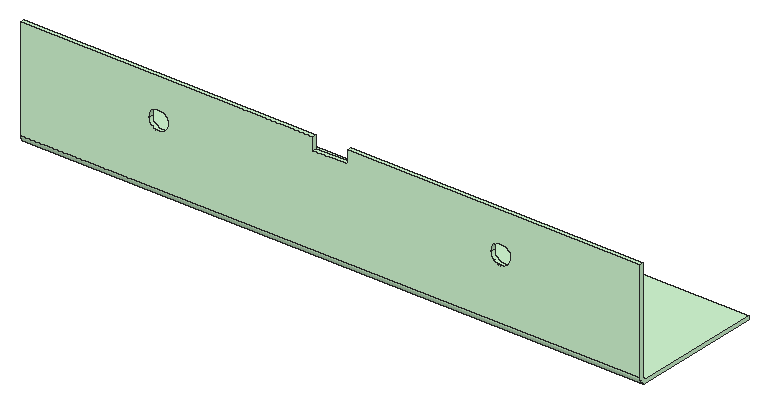
Revit family "30LバーストレートJ-eL3025(ビス)", category 機械設備, Revit 2020
Family settings
  丸型コネクタ寸法 = 直径を使用
  種別 = なし
  パーツ タイプ = 標準
  作業面ベース = いいえ
  常に垂直 = はい
  ロード時にボイドで切り取り = いいえ
  共有 = いいえ
  部屋計算ポイント = いいえ
Parameters
  製造元 = "株式会社桐井製作所"
  既定の高さ = 0 mm
  URL = "https://www.kirii.co.jp/"
  K_材質 = "溶融亜鉛めっき鋼板及び鋼帯 SGCC 一般用"
  K_品名 = "30LバーストレートJ-eL3025(ビス)"
  K_名称 = "Lバージョイント"
  K_入数 = "500"
  K_備考 = "対象Lバー:eL3025(30面)"
  K_バージョン情報 = "20220915"
  K_めっき付着量 = "Z12"
  K_JIS規格 = "JIS G 3302"
Reference planes
  plane 1 "中心(正面/背面)": y = 0
  plane 2: z = 0
  plane 3 "中心(左/右)": x = 0
Forms (mm)
  Extrusion 1, solid
    sketch origin (0, 0, 0) x (0, 1, 0) y (0, 0, 1)
      loop
        line (0.8, 22) -> (0, 22) -> (0, 1.5)
        arc (0, 1.5) -> (0.439, 0.439) -> (1.5, 0) r 1.5
        line (1.5, 0) -> (27.3, 0) -> (27.3, 0.8) -> (1.5, 0.8)
        arc (1.5, 0.8) -> (1.005, 1.005) -> (0.8, 1.5) r 0.7
        line (0.8, 1.5) -> (0.8, 22)
    from -62.5 to 62.5
  Extrusion 2, void
    sketch origin (0, 0, 4.5) x (1, 0, 0) y (0, 0, 1)
      loop
        line (3.5, 15) -> (3.5, 17.5) -> (-3.5, 17.5) -> (-3.5, 15) -> (3.5, 15)
      loop
        circle (-34.5, 9.5) r 2
      loop
        circle (34.5, 9.5) r 2
    from -0.8 to 0
  Extrusion 3, void
    sketch origin (0, 5.3, 0) x (1, 0, 0) y (0, 1, 0)
      loop
        line (3.5, 19.5) -> (3.5, 22) -> (-3.5, 22) -> (-3.5, 19.5) -> (3.5, 19.5)
    from 0 to 0.8
Cuts and joins
  Extrusion 2, Extrusion 3 cuts Extrusion 1
Dimensions and locks
  aligned and locked: level to plane 2
